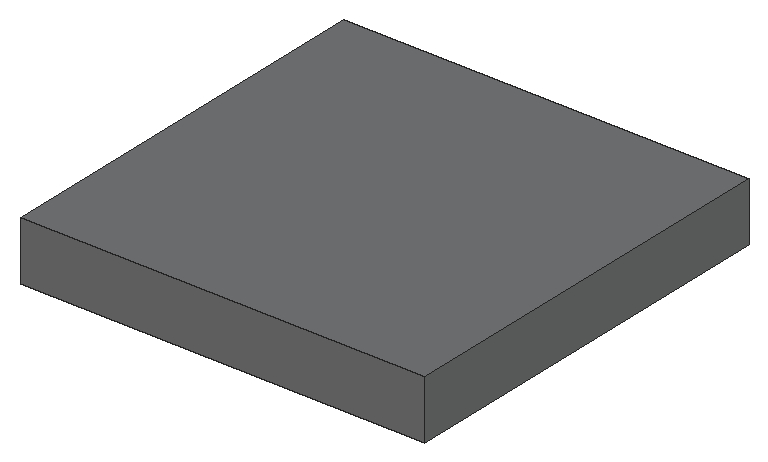
Revit family "Gira_5360600", category Electrical Fixtures, host Face, Revit 2017
Family settings
  Host = Face
  Maintain Annotation Orientation = No
  Round Connector Dimension = Use Diameter
  Part Type = Normal
  Cut with Voids When Loaded = No
  Shared = No
  Room Calculation Point = No
Parameters (values of type "S3000 op.top System 55 stainl.steel")
  With LED indication = "No"
  URL = "http://katalog.gira.de/en/datenblatt.html?artikelnr=5360600"
  Transparent = "No"
  Suitable for application with venetian shutter switch = "Yes"
  Suitable for application with switch = "No"
  Suitable for application with dimmer = "No"
  Number of actuation points = "2"
  Name = "S3000 op.top System 55 stainl.steel"
  Manufacturer URL = "https://www.gira.de/"
  Manufacturer = "Gira"
  Keynote = ""
  HeinzeBIM = "https://bimportal.heinze.de/bim/s3000-op-top-system-55-stainl-steel/9fabce2ee8ac0c99546cc944558cb2a280e186e5"
  HAN = "5360600"
  GTIN = "4010337027256"
  Description = "S3000 op.top Sys55 SST,System 3000 operating top unit,,Stainless steel,"
  Default Elevation = 1219.2 mm
  Data sheet (1) = "https://katalog.gira.de/en/download.html?artikelnr=5360600"
  Category = "Intelligent control element"
  BIM (1) = "https://media.stage.bim.site/public/gira/36a6b08/Sys55_Abdeckung_Schalten und Tasten.rfa?public/gira/36a6b08/Sys55_Abdeckung_Schalten und Tasten.rfa"
  Available = "No"
  Application = "Control of electrical users"
  Anthrazit [instance] = Anthrazit
Reference planes
  plane 1 "Center (Front/Back)": y = 0
  plane 2: z = 0
  plane 3 "Center (Left/Right)": x = 0
Forms (mm)
  Extrusion 1, solid, material "Anthrazit" <- "Anthrazit", detail levels fine
    sketch origin (0, 0, 0) x (1, 0, 0) y (0, 1, 0)
      loop
        line (-27.5, 27.5) -> (-27.5, -27.5) -> (27.5, -27.5) -> (27.5, 27.5) -> (-27.5, 27.5)
    from 0 to 8
  Extrusion 2, void
    sketch origin (0, 0, 0) x (1, 0, 0) y (0, 1, 0)
      loop
        line (26, 26) -> (-26, 26) -> (-26, -26) -> (26, -26) -> (26, 26)
    from 0 to 6
  Extrusion 3, solid, material "Anthrazit" <- "Anthrazit", detail levels medium
    sketch origin (0, 0, 0) x (1, 0, 0) y (0, 1, 0)
      loop
        line (-27.5, 27.5) -> (-27.5, -27.5) -> (27.5, -27.5) -> (27.5, 27.5) -> (-27.5, 27.5)
    from 0 to 8
  Extrusion 4, solid, material "Anthrazit" <- "Anthrazit", detail levels medium
    sketch origin (0, 0, 0) x (1, 0, 0) y (0, 1, 0)
      loop
        line (11, -17.5) -> (11, 17.5) -> (-11, 17.5) -> (-11, -17.5) -> (11, -17.5)
    from -6 to 6
  Extrusion 5, solid, material "Anthrazit" <- "Anthrazit", detail levels fine
    sketch origin (0, 0, 0) x (1, 0, 0) y (0, 1, 0)
      loop
        line (11, 17.5) -> (-11, 17.5) -> (-11, 16.5) -> (11, 16.5) -> (11, 17.5)
      loop
        line (-11, -16.5) -> (-11, -17.5) -> (11, -17.5) -> (11, -16.5) -> (-11, -16.5)
    from -4 to 6
  Extrusion 6, solid, material "Anthrazit" <- "Anthrazit", detail levels fine
    sketch origin (0, 0, 0) x (1, 0, 0) y (0, 1, 0)
      loop
        arc (5, 9.347) -> (0, 10.6) -> (-5, 9.347) r 10.6
        line (-5, 9.347) -> (-5, -9.347)
        arc (-5, -9.347) -> (0, -10.6) -> (5, -9.347) r 10.6
        line (5, -9.347) -> (5, 9.347)
    from -6 to 6
  Extrusion 7, solid, material "Anthrazit" <- "Anthrazit", detail levels coarse
    sketch origin (0, 0, 0) x (1, 0, 0) y (0, 1, 0)
      loop
        line (-27.5, 27.5) -> (-27.5, -27.5) -> (27.5, -27.5) -> (27.5, 27.5) -> (-27.5, 27.5)
    from -6 to 8
Cuts and joins
  Extrusion 2 cuts Extrusion 1
Dimensions and locks
  aligned and locked: plane 2 to host face
  aligned and locked: level to host face
